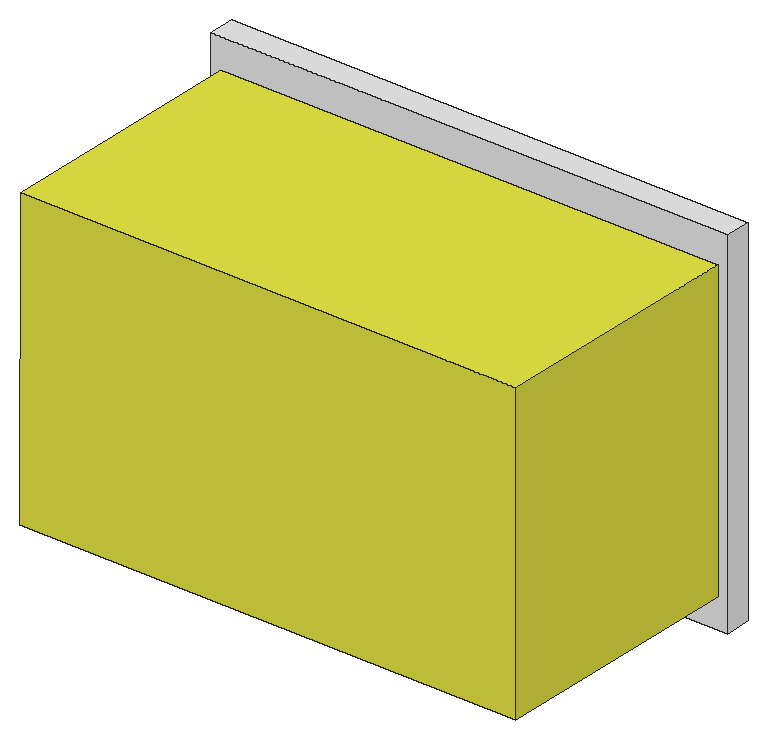
Revit family "Cx_Ele_Pare_4x2", category Electrical Fixtures, host Wall, Revit 2025
Family settings
  Host = Wall
  Round Connector Dimension = Use Diameter
  Part Type = Normal
  OmniClass Number = 23.80.00.00
  OmniClass Title = Electric Power and Lighting
  Always vertical = Yes
  Cut with Voids When Loaded = No
  Maintain Annotation Orientation = No
  Shared = No
  Room Calculation Point = Yes
Parameters (values of type "Tomada_Baixa")
  Mat_Tampa = PVC eletricas tampas
  Mat_Caixa = PVC elétricas caixas
  Default Elevation = 0 mm
  Altura = 300 mm
Types (3, lengths in mm): name | Mat_Caixa | Altura
  Tomada_Baixa | PVC elétricas caixas | 300
  Tomada_Alta | PVC eletricas tampas | 2225
  Tomada Média | PVC eletricas tampas | 1200
Reference planes
  plane 1: y = 0
  plane 2 "Center (Left/Right)": x = 125
  plane 3 "Back": y = 75
  plane 4: z = 300
  plane 5: z = 328.795
Forms (mm)
  Extrusion 1, solid, material "PVC elétricas caixas" <- "Mat_Caixa"
    sketch origin (132.516, 26.3, 1523.376) x (0, 0, -1) y (-1, 0, 0)
      loop
        line (1194.582, 55.516) -> (1194.582, -40.484) -> (1252.171, -40.484) -> (1252.171, 55.516) -> (1194.582, 55.516)
    from 0 to 48.7
  Extrusion 2, solid, material "PVC eletricas tampas" <- "Mat_Tampa"
    sketch origin (0, 0, 0) x (1, 0, 0) y (0, 1, 0)
      loop
        line (75, 75) -> (175, 75) -> (175, 80) -> (75, 80) -> (75, 75)
    from 265.416 to 334.584
Text (mm)
  text "Placement side" at (-1867.185, 1116.779, 0), in view "Ref. Level"
  text "Placement side" at (0, -15.653, 3001.832), in view "Left"
  text "Placement side" at (0, 530.812, 2999.686), in view "Right"
Dimensions and locks
  locked: plane 3 "Back" to host wall
  locked: Extrusion 1 to Extrusion 1 at 96
  Extrusion 1 to Extrusion 1 = 96 mm  (x2)
  "Altura": level to plane 4
  locked: Extrusion 1 to Extrusion 1 at 57.589
  equal spacing: Extrusion 1, plane 4, Extrusion 1
  locked: plane 4 to plane 5 at 28.795
  equal spacing: Extrusion 2, plane 2 "Center (Left/Right)", Extrusion 2
  equal spacing: Extrusion 1, plane 2 "Center (Left/Right)", Extrusion 1
  equal spacing: Extrusion 2, plane 4, Extrusion 2
  locked: plane 5 to Extrusion 2 at 5.789
  locked: Extrusion 2 to Extrusion 1 at 5.789
  locked: Extrusion 2 to Extrusion 2 at 5
  aligned and locked: plane 1 to host wall
  aligned and locked: Extrusion 1 to plane 3 "Back"
  aligned and locked: plane 5 to Extrusion 1
  aligned and locked: Extrusion 2 to Extrusion 1
Automatic sketch dimensions
  plane 4 to Extrusion 1 sketch curve = 28.795 mm
  Extrusion 1 sketch curve to Extrusion 1 sketch curve = 57.589 mm
  plane 2 "Center (Left/Right)" to Extrusion 1 sketch curve = 48 mm
  Extrusion 1 sketch curve to plane 2 "Center (Left/Right)" = 48 mm
  Extrusion 2 sketch curve to host wall = 0 mm
  host wall to Extrusion 2 sketch curve = 5 mm
  Extrusion 2 sketch curve to plane 2 "Center (Left/Right)" = 50 mm
  plane 2 "Center (Left/Right)" to Extrusion 2 sketch curve = 50 mm
